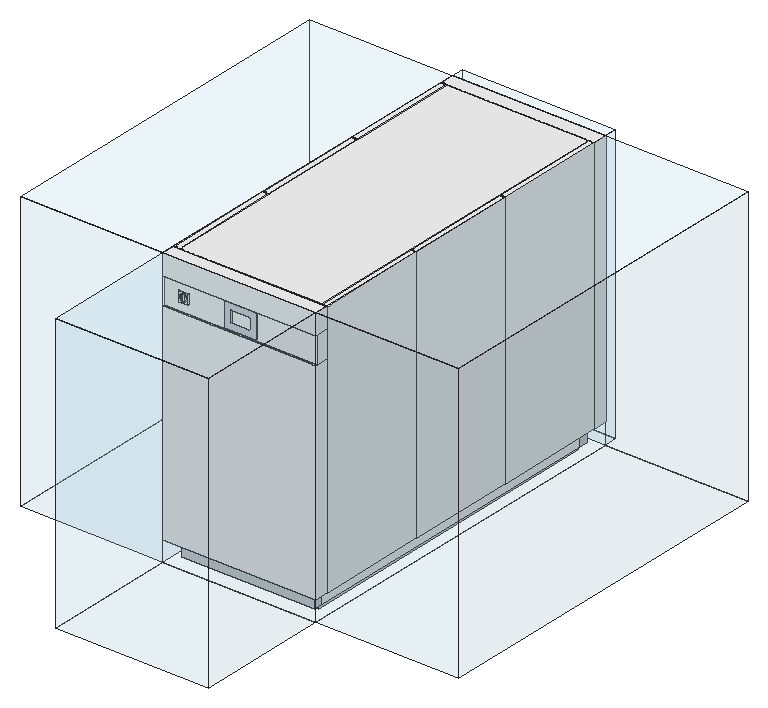
Revit family "VIESSMANN - Vitocal 350-HT Pro", category Wyposażenie mechaniczne, Revit 2017
Family settings
  Wymiar okrągłego złącza = Użyj średnicy
  Typ części = Normalny
  Numer OmniClass = 23.75.10.21.17
  Tytuł OmniClass = Water-Source Heat Pumps
  Oparty na płaszczyźnie roboczej = Nie
  Zawsze pionowo = Tak
  Tnij formami wycięć po wczytaniu = Nie
  Współdzielony = Nie
  Punkt obliczania pomieszczeń = Nie
Parameters (values of type "BW solanka-woda 2-stopniowy (B0/W35) 352.AHT058")
  etas LT = 150
  etas HT = 117
  Znamionowa moc grzewcza = 56.6 kW
  Zasilanie i powrót obiegu pierwotnego - przyłącza Victaulic (DN) = 65
  Zasilanie i powrót instalacji grzewczej - przyłącza Victaulic (DN) = 65
  Zasilanie elektryczne (V/ph/Hz) = "3LNPE/400 V/50 Hz"
  Zabezpieczenie pompy ciepła = 125 A
  Wysokość całkowita = 1650 mm
  Wydajność chłodnicza = 43.4 kW
  Współczynnik mocy = 1
  Wielkość napełnienia (wytyczna) = 22.50 kg
  Viessmann Kolor 1 = Viessmann Kolor 1
  URL = "https://www.viessmann-projektant.pl/baza-urzadzen/pompy-ciepla-solankawoda-50-kw/vitocal350ht"
  Typ = Vitocal 350-HT Pro : BW 352.B076, BW 352.B097, BW 352.B114
  Szerokość na wlocie = 850 mm
  Szerokość całkowita = 911 mm
  Strefa serwisowa [instance] = yes
  Stopień ochrony = "IP20"
  Stopień efektywności ε (COP) = 4.3
  SCOP LT = 3.94
  SCOP HT = 3.11
  Prąd rozruchowy sprężarki (łagodny rozruch) = "Po 132"
  Prąd rozruchowy sprężarki (Part Winding) = "Po 125"
  Producent = "Viessmann Sp. z o.o."
  Poziom ciśnienia akustycznego dB(A) = 60 mm
  Podłączenie elektryczne wysokość = 1565.5 mm
  Podłączenie elektryczne odsunięcie = 796.5 mm
  Podłączenie F wysokość = 509 mm
  Podłączenie F odsunięcie = 525 mm
  Podłączenie E wysokość = 969 mm
  Podłączenie E odsunięcie = 525 mm
  Podłączenie D wysokość = 969 mm
  Podłączenie D odsunięcie = 311 mm
  Podłączenie C wysokość = 509 mm
  Podłączenie C odsunięcie = 311 mm
  Podłączenie A wysokość = 1365 mm
  Podłączenie A odsunięcie = 731 mm
  Pobór mocy elektrycznej = 13.2 kW
  Opis = "Pompy ciepła z napędem elektrycznym do ogrzewania i podgrzewu ciepłej wody użytkowej w jedno- lub dwusystemowych instalacjach grzewczych."
  Odsunięcie strefy serwisowej w szerokości = Szerokość całkowita / 2  # 455.5 mm
  Odsunięcie od ściany komunikat [instance] = if(Odsunięcie od ściany < 80 mm, "UWAGA. Wymagana jest odległość od ściany ≥ 80 mm", "ok")  # "ok"
  Odsunięcie od ściany [instance] = 80 mm
  Obieg wtórny. Znamionowy przepływ objętościowy (wartość zalecana do projektowania) = 16.6 m³/h
  Obieg wtórny. Pojemność wymiennika ciepła (woda) = 13.0 L
  Obieg wtórny. Opory przepływu = 7.7 bar
  Obieg wtórny. Minimalny przepływ objętościowy = 8.5 m³/h
  Obieg wtórny. Min. temperatura na zasilaniu obiegu wtórnego = 24 °C
  Obieg wtórny. Maks. temperatura na zasilaniu na wlocie obiegu pierwotnego = 0° = 87 °C
  Obieg pierwotny. Znamionowy przepływ objętościowy (wartość zalecana do projektowania) = 20.3 m³/h
  Obieg pierwotny. Pojemność wymiennika ciepła (solanka) = 13.0 L
  Obieg pierwotny. Opory przepływu = 26.1 bar
  Obieg pierwotny. Minimalny przepływ objętościowy = 14.4 m³/h
  Obieg pierwotny. Min. temperatura zasilania na wlocie obiegu pierwotnego = 0 °C
  Obieg pierwotny. Maks. temperatura zasilania na wlocie obiegu pierwotnego = 50 °C
  Obciążenie pozorne = Znamionowa moc grzewcza * Współczynnik mocy  # 56600 W
  Natężenie znamionowe sprężarek (łącznie) = 34 A
  Napięcie znamionowe = 400 V
  Model = "Solankowa pompa ciepła Vitocal 350-HT PRO 80kW / Brine-water heat pump Vitocal 350-HT PRO 80kW"  # constant formula
  Masa całkowita (urządzenie podstawowe bez opcjonalnej obudowy) = 1077.00 kg
  Maks. prąd roboczy = 74 A
  Maks. cos fi = 0.62 A
  Liczba sprężarek = 2
  Liczba biegunów = 3  # constant formula
  Ilość oleju = 11.0 L
  Długość strefy serwisowej od przodu = 800 mm
  Długość całkowita = 2153 mm
  Dopuszczalne ciśnienie robocze. Strona wysokociśnieniowa = 32.0 bar
  Dopuszczalne ciśnienie robocze. Strona niskociśnieniowa = 19.0 bar
  Dopuszczalne ciśnienie robocze. Obieg wtórny = 10.0 bar
  Dopuszczalne ciśnienie robocze. Obieg pierwotny = 10.0 bar
  Częstotliwość = 50 Hz
  Czynnik chłodniczy = "R1234ze"
  Autor = "www.archispace.pl"
Types (8, lengths in mm): name | etas LT | etas HT | Znamionowa moc grzewcza | Zasilanie i powrót obiegu pierwotnego - przyłącza Victaulic (DN) | Zasilanie i powrót instalacji grzewczej - przyłącza Victaulic (DN) | Zabezpieczenie pompy ciepła | Wydajność chłodnicza | Wielkość napełnienia (wytyczna) | Typ | Stopień efektywności ε (COP) | SCOP LT | SCOP HT | Prąd rozruchowy sprężarki (łagodny rozruch) | Prąd rozruchowy sprężarki (Part Winding) | Poziom ciśnienia akustycznego dB(A) | Pobór mocy elektrycznej | Obieg wtórny. Znamionowy przepływ objętościowy (wartość zalecana do projektowania) | Obieg wtórny. Pojemność wymiennika ciepła (woda) | Obieg wtórny. Opory przepływu | Obieg wtórny. Minimalny przepływ objętościowy | Obieg wtórny. Min. temperatura na zasilaniu obiegu wtórnego | Obieg wtórny. Maks. temperatura na zasilaniu na wlocie obiegu pierwotnego = 0° | Obieg pierwotny. Znamionowy przepływ objętościowy (wartość zalecana do projektowania) | Obieg pierwotny. Pojemność wymiennika ciepła (solanka) | Obieg pierwotny. Opory przepływu | Obieg pierwotny. Minimalny przepływ objętościowy | Obciążenie pozorne | Natężenie znamionowe sprężarek (łącznie) | Masa całkowita (urządzenie podstawowe bez opcjonalnej obudowy) | Maks. prąd roboczy | Maks. cos fi | Liczba sprężarek | Ilość oleju | Długość całkowita | Dopuszczalne ciśnienie robocze. Strona wysokociśnieniowa | Dopuszczalne ciśnienie robocze. Strona niskociśnieniowa | Dopuszczalne ciśnienie robocze. Obieg wtórny | Dopuszczalne ciśnienie robocze. Obieg pierwotny
  (no name) | 150 | 117 | 56.6 kW | 65 | 65 | 125 A | 43.4 kW | 22.50 kg | Vitocal 350-HT Pro : BW 352.B076, BW 352.B097, BW 352.B114 | 4.3 | 3.94 | 3.11 | "Po 132" | "Po 125" | 60 | 13.2 kW | 16.6 m³/h | 13.0 L | 7.7 bar | 8.5 m³/h | 24 °C | 87 °C | 20.3 m³/h | 13.0 L | 26.1 bar | 14.4 m³/h | 56600 W | 34 A | 1077.00 kg | 74 A | 0.62 A | 2 | 11.0 L | 2153 | 32.0 bar | 19.0 bar | 10.0 bar | 10.0 bar
  BW solanka-woda 2-stopniowy (B0/W35) 352.AHT058 | 150 | 117 | 56.6 kW | 65 | 65 | 125 A | 43.4 kW | 22.50 kg | Vitocal 350-HT Pro : BW 352.B076, BW 352.B097, BW 352.B114 | 4.3 | 3.94 | 3.11 | "Po 132" | "Po 125" | 60 | 13.2 kW | 16.6 m³/h | 13.0 L | 7.7 bar | 8.5 m³/h | 24 °C | 87 °C | 20.3 m³/h | 13.0 L | 26.1 bar | 14.4 m³/h | 56600 W | 34 A | 1077.00 kg | 74 A | 0.62 A | 2 | 11.0 L | 2153 | 32.0 bar | 19.0 bar | 10.0 bar | 10.0 bar
  BW solanka-woda 2-stopniowy (B0/W35) 352.AHT071 | 150 | 117 | 72.4 kW | 80 | 80 | 125 A | 55.4 kW | 30.00 kg | Vitocal 350-HT Pro : BW 352.B076, BW 352.B097, BW 352.B114 | 4.3 | 3.94 | 3.11 | "Po 160" | "Po 165" | 60 | 17.0 kW | 13.4 m³/h | 13.0 L | 0.14 bar | 8.5 m³/h | 20 °C | 73 °C | 17.4 m³/h | 18.0 L | 0.13 bar | 14.4 m³/h | 72400 W | 49.2 A | 1077.00 kg | 100 A | 0.55 A | 2 | 11.0 L | 2153 | 10.0 bar | 10.0 bar | 19.0 bar | 32.0 bar
  BW solanka-woda 2-stopniowy (B0/W35) 352.AHT084 | 149 | 120 | 83.2 kW | 80 | 80 | 160 A | 63.6 kW | 36.00 kg | Vitocal 350-HT Pro : BW 352.B076, BW 352.B097, BW 352.B114 | 4.2 | 3.92 | 3.21 | "Po 193" | "Po 165" | 65 | 19.6 kW | 14.4 m³/h | 15.0 L | 13.0 bar | 10.0 m³/h | 20 °C | 73 °C | 20.0 m³/h | 22.0 L | 14.0 bar | 17.3 m³/h | 83200 W | 51.4 A | 1251.00 kg | 115 A | 0.6 A | 2 | 11.5 L | 2153 | 32.0 bar | 19.0 bar | 10.0 bar | 10.0 bar
  BW solanka-woda 2-stopniowy (B0/W35) 352.AHT096 | 146 | 116 | 96.6 kW | 80 | 80 | 160 A | 73.4 kW | 42.00 kg | Vitocal 350-HT Pro : BW 352.B076, BW 352.B097, BW 352.B114 | 4.2 | 3.86 | 3.11 | "Po 222" | "Po 219" | 65 | 23.2 kW | 16.7 m³/h | 17.0 L | 14.0 bar | 11.0 m³/h | 20 °C | 73 °C | 23.1 m³/h | 33.0 L | 15.0 bar | 15.4 m³/h | 96600 W | 66.6 A | 1357.00 kg | 136 A | 0.55 A | 2 | 11.5 L | 2153 | 32.0 bar | 19.0 bar | 10.0 bar | 10.0 bar
  BW solanka-woda 2-stopniowy (B0/W35) 352.AHT119 | 145 | 115 | 116.8 kW | 80 | 80 | 200 A | 88.4 kW | 49.50 kg | Vitocal 350-HT Pro : BW 352.B076, BW 352.B097, BW 352.B114 | 4.1 | 3.82 | 3.07 | "Po 252" | "Po 226" | 65 | 28.4 kW | 20.2 m³/h | 20.0 L | 17.0 bar | 13.0 m³/h | 20 °C | 73 °C | 27.8 m³/h | 39.0 L | 16.0 bar | 17.3 m³/h | 116800 W | 91.4 A | 1426.00 kg | 166 A | 0.5 A | 2 | 11.5 L | 2153 | 32.0 bar | 19.0 bar | 10.0 bar | 10.0 bar
  BW solanka-woda 3-stopniowy (B0/W35) 352.AHT126 | 149 | 118 | 124.8 kW | 80 | 80 | 200 A | 95.4 kW | 57.00 kg | Vitocal 350-HT Pro : BW 353.B172, BW 353.B198 | 4.2 | 3.92 | 3.14 | "Po 193" | "Po 165" | 65 | 29.4 kW | 21.6 m³/h | 23.0 L | 16.0 bar | 15.5 m³/h | 20 °C | 73 °C | 30.0 m³/h | 42.0 L | 15.0 bar | 19.2 m³/h | 124800 W | 77.1 A | 1779.00 kg | 173 A | 0.6 A | 3 | 16.3 L | 2816 | 32.0 bar | 19.0 bar | 10.0 bar | 10.0 bar
  BW solanka-woda 3-stopniowy (B0/W35) 352.AHT147 | 146 | 117 | 144.9 kW | 80 | 80 | 250 A | 110.1 kW | 68.00 kg | Vitocal 350-HT Pro : BW 353.B172, BW 353.B198 | 4.2 | 3.86 | 3.11 | "Po 222" | "Po 219" | 65 | 34.8 kW | 25.1 m³/h | 28.0 L | 18.0 bar | 18.0 m³/h | 20 °C | 73 °C | 34.6 m³/h | 50.0 L | 15.0 bar | 22.0 m³/h | 144900 W | 99.9 A | 1865.00 kg | 203 A | 0.55 A | 3 | 16.3 L | 2816 | 32.0 bar | 19.0 bar | 10.0 bar | 10.0 bar
Reference planes
  plane 1 "Środek (Przód/Tył)": y = -30
  plane 2: z = 0
  plane 3 "Środek (Lewa/Prawa)": x = 0
  plane 4: y = 50
  plane 5: y = -2183
  plane 6: y = -2183
  plane 7: z = 1650
  plane 8: x = 455.5
  plane 9: x = -455.5
Forms (mm)
  Extrusion 1, solid, material "Viessmann Strefy Serwisowe", visible <- "Strefa serwisowa"
    sketch origin (0, 0, 0) x (1, 0, 0) y (0, 1, 0)
      loop
        line (-455.5, -30) -> (-1305.5, -30) -> (-1305.5, -2183) -> (-455.5, -2183) -> (-455.5, -30)
    from 0 to 1650
  Extrusion 2, solid, material "Viessmann Strefy Serwisowe", visible <- "Strefa serwisowa"
    sketch origin (0, 0, 0) x (-1, 0, 0) y (0, -1, 0)
      loop
        line (-455.5, 30) -> (-455.5, 2183) -> (-1305.5, 2183) -> (-1305.5, 30) -> (-455.5, 30)
    from 0 to 1650
  Extrusion 3, solid, material "Viessmann Strefy Serwisowe", visible <- "Strefa serwisowa"
    sketch origin (1476.269, 2188.659, 0) x (1, 0, 0) y (0, 1, 0)
      loop
        line (-1020.769, -2138.659) -> (-1931.769, -2138.659) -> (-1931.769, -2218.659) -> (-1020.769, -2218.659) -> (-1020.769, -2138.659)
    from 0 to 1650
  Extrusion 4, solid, material "Viessmann Strefy Serwisowe", visible <- "Strefa serwisowa"
    sketch origin (1476.269, 248.659, 0) x (1, 0, 0) y (0, 1, 0)
      loop
        line (-1020.769, -2431.659) -> (-1931.769, -2431.659) -> (-1931.769, -3231.659) -> (-1020.769, -3231.659) -> (-1020.769, -2431.659)
    from 0 to 1650
  Sweep 5, solid, not visible
    path origin (0, 0, 0) x (1, 0, 0) y (0, 1, 0)
      loop
        line (0, -80) -> (0, -30)
    profile origin (0, -55, 0) x (-1, 0, 0) y (0, 0, 1)
      loop
        circle (-144.5, 969) r 5
      loop
        circle (-144.5, 509) r 5
      loop
        circle (69.5, 509) r 5
      loop
        circle (69.5, 969) r 5
      loop
        circle (275.5, 1365) r 5
      loop
        circle (341, 1565.5) r 5
Dimensions and locks
  locked: Extrusion 1 sketch curve to Extrusion 1 sketch curve at 850
  locked: Extrusion 2 sketch curve to Extrusion 2 sketch curve at 850
  "Odsunięcie strefy serwisowej w szerokości": Extrusion 1 sketch curve to plane 3 "Środek (Lewa/Prawa)"
  "Odsunięcie strefy serwisowej w szerokości": plane 3 "Środek (Lewa/Prawa)" to Extrusion 2 sketch curve
  "Długość strefy serwisowej od przodu": Extrusion 4 sketch curve to Extrusion 4 sketch curve
  "Odsunięcie od ściany": plane 1 "Środek (Przód/Tył)" to plane 4
  "Długość całkowita": plane 5 to plane 1 "Środek (Przód/Tył)"
  "Długość całkowita": plane 6 to plane 1 "Środek (Przód/Tył)"
  "Wysokość całkowita": plane 7 to plane 2
  "Odsunięcie strefy serwisowej w szerokości": Extrusion 4 sketch curve to plane 3 "Środek (Lewa/Prawa)"
  "Odsunięcie strefy serwisowej w szerokości": plane 3 "Środek (Lewa/Prawa)" to Extrusion 4 sketch curve
  "Odsunięcie strefy serwisowej w szerokości": Extrusion 3 sketch curve to plane 3 "Środek (Lewa/Prawa)"
  "Odsunięcie strefy serwisowej w szerokości": plane 3 "Środek (Lewa/Prawa)" to Extrusion 3 sketch curve
  locked: Sweep 5 sketch curve to plane 1 "Środek (Przód/Tył)" at 50
  "Podłączenie D wysokość": level to Sweep 5 sketch curve
  "Podłączenie A wysokość": level to Sweep 5 sketch curve
  "Podłączenie C wysokość": level to Sweep 5 sketch curve
  "Podłączenie F wysokość": level to Sweep 5 sketch curve
  "Podłączenie E wysokość": level to Sweep 5 sketch curve
  equal spacing: plane 9, plane 3 "Środek (Lewa/Prawa)", plane 8
  "Szerokość całkowita": plane 9 to plane 8
  "Podłączenie C odsunięcie": Sweep 5 sketch curve to plane 8
  "Podłączenie F odsunięcie": Sweep 5 sketch curve to plane 8
  "Podłączenie D odsunięcie": Sweep 5 sketch curve to plane 8
  "Podłączenie E odsunięcie": Sweep 5 sketch curve to plane 8
  "Podłączenie A odsunięcie": Sweep 5 sketch curve to plane 8
  "Podłączenie elektryczne wysokość": plane 2 to Sweep 5 sketch curve
  "Podłączenie elektryczne odsunięcie": Sweep 5 sketch curve to plane 8
  aligned and locked: level to plane 2
  aligned and locked: Extrusion 1 to plane 5
  aligned and locked: Extrusion 1 to Extrusion 2
  aligned and locked: Extrusion 4 to Extrusion 1
  aligned and locked: Extrusion 1 to plane 1 "Środek (Przód/Tył)"
  aligned and locked: Extrusion 2 to plane 1 "Środek (Przód/Tył)"
  aligned and locked: plane 7 to Extrusion 1
  aligned and locked: Extrusion 2 to plane 7
  aligned and locked: plane 7 to Extrusion 3
  aligned and locked: plane 7 to Extrusion 4
  aligned and locked: plane 1 "Środek (Przód/Tył)" to nested 1
  aligned and locked: plane 1 "Środek (Przód/Tył)" to Sweep 5 sketch curve
Automatic sketch dimensions
  Sweep 5 sketch curve to plane 3 "Środek (Lewa/Prawa)" = 0 mm
  Extrusion 1 sketch curve to plane 5 = 0 mm
  plane 1 "Środek (Przód/Tył)" to Extrusion 1 sketch curve = 0 mm
  Extrusion 2 sketch curve to plane 5 = 0 mm
  plane 1 "Środek (Przód/Tył)" to Extrusion 2 sketch curve = 0 mm
  plane 1 "Środek (Przód/Tył)" to Extrusion 3 sketch curve = 0 mm
  Extrusion 3 sketch curve to plane 4 = 0 mm
  Extrusion 4 sketch curve to plane 5 = 0 mm
  radius of Sweep 5 sketch curve = 5 mm  (x6)
Nested families
  nested 1: "Vitocal 350-HT Pro" at (0, -30, 0), type <- "Typ", type "BW 352.B076, BW 352.B097, BW 352.B114"
Connectors
  piping at (144.5, -30, 969), diameter 80
    settings: on Sweep 5, index 1, connector inside diameter 609.6 mm, connector length 0 mm, flow factor 0, pipe flow 13.6 m³/h, pressure drop 0.0 bar, fitting loss kfactor 0, connector angle 0.00°, fixture units 0, engagement length 0 mm, angle of deflection 0.00°, flow configuration 1, flow direction 2, fitting loss method 0, system type 7, joint type 0, gender type 0, connector reference index -1, connector utility 0, adjustable connector no, is connector primary yes, connector description ""
  piping at (-69.5, -30, 969), diameter 80
    settings: on Sweep 5, index 2, connector inside diameter 609.6 mm, connector length 0 mm, flow factor 0, pipe flow 9.8 m³/h, pressure drop 0.0 bar, fitting loss kfactor 0, connector angle 0.00°, fixture units 0, engagement length 0 mm, angle of deflection 0.00°, flow configuration 1, flow direction 2, fitting loss method 0, system type 7, joint type 0, gender type 0, connector reference index -1, connector utility 0, adjustable connector no, is connector primary no, connector description ""
  piping at (144.5, -30, 509), diameter 80
    settings: on Sweep 5, index 3, connector inside diameter 609.6 mm, connector length 0 mm, flow factor 0, pipe flow 13.6 m³/h, pressure drop 0.0 bar, fitting loss kfactor 0, connector angle 0.00°, fixture units 0, engagement length 0 mm, angle of deflection 0.00°, flow configuration 1, flow direction 1, fitting loss method 0, system type 8, joint type 0, gender type 0, connector reference index -1, connector utility 0, adjustable connector no, is connector primary no, connector description ""
  piping at (-69.5, -30, 509), diameter 80
    settings: on Sweep 5, index 4, connector inside diameter 609.6 mm, connector length 0 mm, flow factor 0, pipe flow 9.8 m³/h, pressure drop 0.0 bar, fitting loss kfactor 0, connector angle 0.00°, fixture units 0, engagement length 0 mm, angle of deflection 0.00°, flow configuration 1, flow direction 1, fitting loss method 0, system type 8, joint type 0, gender type 0, connector reference index -1, connector utility 0, adjustable connector no, is connector primary no, connector description ""
  hvac at (-275.5, -30, 1365)
    settings: on Sweep 5, index 5, duct flow 0.0 L/s, flow factor 0, pres drop 0.0 bar, loss coef 0, conn angle 0.00°, conn width 304.8 mm, conn height 304.8 mm, conn diameter 150 mm, duct sys type 3, conn prof type 0, flow config 1, flow direction 2, loss method 0, conn ref index -1, conn util no, is conn primary yes, conn desc ""
  electrical at (-341, -30, 1565.5), driven by "Liczba biegunów", driven by "Napięcie znamionowe", driven by "Obciążenie pozorne", driven by "Współczynnik mocy", driven by "Obciążenie pozorne"
    settings: on Sweep 5, index 6, voltage 400 V, apparent load 56600 W, apparent load phase1 56600 W, apparent load phase2 0 W, apparent load phase3 0 W, power factor 1, load classification "Moc", number of poles 3, system type 30, power factor state 1, is connector primary yes, connector utility no, sub classification motor no, connector description ""
  electrical at (0, -30, 887)
    settings: on nested 1, index 7, voltage 0 V, apparent load 0 W, apparent load phase1 0 W, apparent load phase2 0 W, apparent load phase3 0 W, power factor 1, load classification "Inne", number of poles 1, system type 13, power factor state 1, is connector primary no, connector utility no, sub classification motor no, connector description ""
Definition of nested family "Vitocal 350-HT Pro"
  Parameters (values of type "BW 352.B076, BW 352.B097, BW 352.B114")
    Wysokość = 1650 mm
    Szerokość = 911 mm
    Podłączenie F wysokość = 509 mm
    Podłączenie F odsunięcie = 525 mm
    Podłączenie D wysokość = 509 mm
    Podłączenie D odsunięcie = 311 mm
    Podłączenie C wysokość = 969 mm
    Podłączenie C odsunięcie = 311 mm
    Podłączenie E wysokość = 969 mm
    Podłączenie E odsunięcie = 525 mm
    Podłączenie A wysokość = 1365 mm
    Podłączenie A odsunięcie = 731 mm
    Odstęp pomiędzy wycięciami = 659 mm
    Materiał = none
    Długość = 2153 mm
  Types (2, lengths in mm): name | Podłączenie F wysokość | Podłączenie F odsunięcie | Podłączenie D wysokość | Podłączenie D odsunięcie | Podłączenie C wysokość | Podłączenie C odsunięcie | Podłączenie E wysokość | Podłączenie E odsunięcie | Długość
    BW 352.B076, BW 352.B097, BW 352.B114 | 509 | 525 | 509 | 311 | 969 | 311 | 969 | 525 | 2153
    BW 353.B172, BW 353.B198 | 487 | 526 | 582 | 380 | 1305 | 380 | 947 | 526 | 2816
  Reference planes
    plane 1 "Center (Front/Back)": y = 0
    plane 2: z = 0
    plane 3 "Center (Left/Right)": x = 0
    plane 4: y = -1380
    plane 5: z = 1650
    plane 6: z = 124
    plane 7: y = -2153
    plane 8: y = -2071
    plane 9: x = 455.5
    plane 10: x = -455.5
    plane 11: z = 1210
    plane 12: x = -453.5
    plane 13: x = 453.5
  Forms (mm)
    Extrusion 1, solid, material <- "Materiał", detail levels fine
      sketch origin (0, -876.5, 0) x (1, 0, 0) y (0, 1, 0)
        loop
          line (-455.5, -1194.5) -> (455.5, -1194.5) -> (455.5, 794.5) -> (-455.5, 794.5) -> (-455.5, -1194.5)
      from 124 to 1650
    Extrusion 2, solid, material <- "Materiał", detail levels fine
      sketch origin (0, 177.022, 0) x (0, 1, 0) y (0, 0, 1)
        loop
          line (-291.022, 124) -> (-2216.022, 124) -> (-2216.022, 22.5) -> (-291.022, 22.5) -> (-291.022, 124)
      from -393.5 to 393.5
    Sweep 3, void
      path origin (0, 0, 0) x (0, 1, 0) y (0, 0, 1)
        loop
          line (0, 1650) -> (0, 124)
      profile origin (0, 0, 887) x (1, 0, 0) y (0, 1, 0)
        loop
          line (-453.5, -1410) -> (-453.5, -1406) -> (-455.5, -1406) -> (-455.5, -1410) -> (-453.5, -1410)
        loop
          line (-453.5, -84) -> (-453.5, -80) -> (-455.5, -80) -> (-455.5, -84) -> (-453.5, -84)
        loop
          line (453.5, -1410) -> (455.5, -1410) -> (455.5, -1406) -> (453.5, -1406) -> (453.5, -1410)
        loop
          line (453.5, -84) -> (455.5, -84) -> (455.5, -80) -> (453.5, -80) -> (453.5, -84)
        loop
          line (-453.5, -747) -> (-453.5, -743) -> (-455.5, -743) -> (-455.5, -747) -> (-453.5, -747)
        loop
          line (453.5, -747) -> (455.5, -747) -> (455.5, -743) -> (453.5, -743) -> (453.5, -747)
        loop
          line (-453.5, -2073) -> (-453.5, -2069) -> (-455.5, -2069) -> (-455.5, -2073) -> (-453.5, -2073)
        loop
          line (-453.5, -2736) -> (-453.5, -2732) -> (-455.5, -2732) -> (-455.5, -2736) -> (-453.5, -2736)
        loop
          line (453.5, -2073) -> (455.5, -2073) -> (455.5, -2069) -> (453.5, -2069) -> (453.5, -2073)
        loop
          line (455.5, -2736) -> (455.5, -2732) -> (453.5, -2732) -> (453.5, -2736) -> (455.5, -2736)
    Extrusion 4, solid, detail levels fine
      sketch origin (0, 0, 0) x (0, 1, 0) y (0, 0, 1)
        loop
          line (-114, 124) -> (-114, 22.5) -> (-64, 22.5) -> (-64, 124) -> (-114, 124)
        loop
          line (-2039, 124) -> (-2089, 124) -> (-2089, 22.5) -> (-2039, 22.5) -> (-2039, 124)
      from -393.5 to 393.5
    Sweep 5, void
      path origin (0, 0, 0) x (1, 0, 0) y (0, 1, 0)
        loop
          line (-505.5, 0) -> (505.5, 0)
      profile origin (0, 0, 0) x (0, 1, 0) y (0, 0, 1)
        loop
          line (-80, 1650) -> (-84, 1650) -> (-84, 1648) -> (-80, 1648) -> (-80, 1650)
        loop
          line (-2069, 1650) -> (-2073, 1650) -> (-2073, 1648) -> (-2069, 1648) -> (-2069, 1650)
    Sweep 6, void
      path origin (0, 219.668, 1650) x (0, 1, 0) y (-1, 0, 0)
        loop
          line (-301.668, 0) -> (-2290.668, 0)
      profile origin (0, -1076.5, 1650) x (1, 0, 0) y (0, 0, 1)
        loop
          line (-421, 0) -> (-425, 0) -> (-425, -2) -> (-421, -2) -> (-421, 0)
        loop
          line (421, 0) -> (421, -2) -> (425, -2) -> (425, 0) -> (421, 0)
    Extrusion 7, void
      sketch origin (0, 0, 0) x (0, 1, 0) y (0, 0, 1)
        loop
          line (-747, 1650) -> (-747, 1648) -> (-743, 1648) -> (-743, 1650) -> (-747, 1650)
        loop
          line (-1410, 1650) -> (-1410, 1648) -> (-1406, 1648) -> (-1406, 1650) -> (-1410, 1650)
      from 425 to 455.5
    Extrusion 8, void
      sketch origin (0, 0, 0) x (0, 1, 0) y (0, 0, -1)
        loop
          line (-747, -1650) -> (-743, -1650) -> (-743, -1648) -> (-747, -1648) -> (-747, -1650)
        loop
          line (-1410, -1650) -> (-1406, -1650) -> (-1406, -1648) -> (-1410, -1648) -> (-1410, -1650)
      from 421 to 455.5
    Extrusion 9, solid, material <- "Materiał", detail levels fine
      sketch origin (0, 0, -4) x (1, 0, 0) y (0, 0, 1)
        loop
          arc (-367.5, 1483) -> (-369.268, 1482.268) -> (-370, 1480.5) r 2.5
          line (-370, 1480.5) -> (-370, 1427.5)
          arc (-370, 1427.5) -> (-369.268, 1425.732) -> (-367.5, 1425) r 2.5
          line (-367.5, 1425) -> (-314.5, 1425)
          arc (-314.5, 1425) -> (-312.732, 1425.732) -> (-312, 1427.5) r 2.5
          line (-312, 1427.5) -> (-312, 1480.5)
          arc (-312, 1480.5) -> (-312.732, 1482.268) -> (-314.5, 1483) r 2.5
          line (-314.5, 1483) -> (-367.5, 1483)
        loop
          circle (-341, 1454) r 21
      from 2141 to 2145
    Extrusion 10, solid, material <- "Materiał", detail levels fine
      sketch origin (0, -303.004, 0) x (0, 1, 0) y (0, 0, 1)
        loop
          line (-1767.996, 1370) -> (-1849.996, 1370) -> (-1849.996, 124) -> (-1767.996, 124) -> (-1767.996, 1370)
      from -455.5 to 455.5
    Extrusion 11, solid, material <- "Materiał", detail levels fine
      sketch origin (0, -303.004, 920) x (0, 1, 0) y (0, 0, 1)
        loop
          line (-1767.996, 730) -> (-1849.996, 730) -> (-1849.996, 610) -> (-1767.996, 610) -> (-1767.996, 730)
      from -455.5 to 455.5
    Extrusion 12, solid, material <- "Materiał", detail levels fine
      sketch origin (0, -303.004, 660) x (0, 1, 0) y (0, 0, 1)
        loop
          line (-1767.996, 870) -> (-1837.996, 870) -> (-1837.996, 710) -> (-1767.996, 710) -> (-1767.996, 870)
      from -455.5 to 455.5
    Extrusion 13, solid, material <- "Materiał", detail levels fine
      sketch origin (0, -1380, 0) x (0, -1, 0) y (0, 0, -1)
        loop
          line (-1298, -1650) -> (-1298, -124) -> (-1380, -124) -> (-1380, -1650) -> (-1298, -1650)
      from -455.5 to 455.5
    Sweep 14, void
      path in 3D
        loop
          arc (-362, -2145, 1450) -> (-341, -2145, 1429) -> (-320, -2145, 1450) r 21
          arc (-320, -2145, 1450) -> (-341, -2145, 1471) -> (-362, -2145, 1450) r 21
      profile origin (-341, -2145, 1471) x (0, 0, -1) y (0, -1, 0)
        loop
          line (0, 0) -> (0, -2)
          arc (0, -2) -> (0.586, -0.586) -> (2, 0) r 2
          line (2, 0) -> (0, 0)
    Extrusion 15, solid, material <- "Materiał", detail levels fine
      sketch origin (-1545, 0, 959) x (0, 0, -1) y (1, 0, 0)
        loop
          arc (-509, 1206) -> (-511, 1204) -> (-509, 1202) r 2
          line (-509, 1202) -> (-473, 1202)
          arc (-473, 1202) -> (-471, 1204) -> (-473, 1206) r 2
          line (-473, 1206) -> (-509, 1206)
      from 2145 to 2151
    Extrusion 16, solid
      sketch origin (0, 0, 1650) x (0, 0, -1) y (-1, 0, 0)
        loop
          circle (84.5, 341) r 38
        loop
          circle (84.5, 231) r 38
      from 0 to 8
    Extrusion 17, solid
      sketch origin (-95, 0, 1650) x (0, 0, -1) y (-1, 0, 0)
        loop
          circle (84.5, 47) r 30.5
        loop
          circle (84.5, -38) r 30.5
        loop
          circle (84.5, -123) r 30.5
        loop
          circle (84.5, -208) r 30.5
      from 0 to 5
    Extrusion 18, void
      sketch origin (0, 0, 0) x (1, 0, 0) y (0, 0, 1)
        loop
          circle (-275.5, 1365) r 75
      from 2 to 0
    Extrusion 19, void
      sketch origin (0, 0, 0) x (1, 0, 0) y (0, 0, 1)
        loop
          circle (-69.5, 969) r 40
      from 2 to 0
    Extrusion 20, void
      sketch origin (0, 0, 0) x (1, 0, 0) y (0, 0, 1)
        loop
          circle (144.5, 969) r 40
      from 2 to 0
    Extrusion 21, void
      sketch origin (0, 0, 0) x (1, 0, 0) y (0, 0, 1)
        loop
          circle (144.5, 509) r 40
      from 2 to 0
    Extrusion 22, solid, material <- "Materiał", detail levels fine
      sketch origin (0, 0, -4) x (1, 0, 0) y (0, 0, 1)
        loop
          circle (-341, 1454) r 21
      from 2141 to 2145
    Extrusion 23, solid, detail levels fine
      sketch origin (0, 0, 0) x (1, 0, 0) y (0, 0, 1)
        loop
          line (-95, 1519.5) -> (-95, 1380.5)
          arc (-95, 1380.5) -> (-94.268, 1378.732) -> (-92.5, 1378) r 2.5
          line (-92.5, 1378) -> (92.5, 1378)
          arc (92.5, 1378) -> (94.268, 1378.732) -> (95, 1380.5) r 2.5
          line (95, 1380.5) -> (95, 1519.5)
          arc (95, 1519.5) -> (94.268, 1521.268) -> (92.5, 1522) r 2.5
          line (92.5, 1522) -> (-92.5, 1522)
          arc (-92.5, 1522) -> (-94.268, 1521.268) -> (-95, 1519.5) r 2.5
        loop
          line (-59, 1483.5) -> (-59, 1416.5)
          arc (-59, 1416.5) -> (-58.268, 1414.732) -> (-56.5, 1414) r 2.5
          line (-56.5, 1414) -> (56.5, 1414)
          arc (56.5, 1414) -> (58.268, 1414.732) -> (59, 1416.5) r 2.5
          line (59, 1416.5) -> (59, 1483.5)
          arc (59, 1483.5) -> (58.268, 1485.268) -> (56.5, 1486) r 2.5
          line (56.5, 1486) -> (-56.5, 1486)
          arc (-56.5, 1486) -> (-58.268, 1485.268) -> (-59, 1483.5) r 2.5
      from 2141 to 2146.5
    Extrusion 24, solid, detail levels fine
      sketch origin (0, 0, 0) x (1, 0, 0) y (0, 0, 1)
        loop
          line (-380, 22.5) -> (-380, 0) -> (380, 0) -> (380, 22.5) -> (-380, 22.5)
      from 114 to 2039
    Extrusion 25, void
      sketch origin (-340, 0, 0) x (1, 0, 0) y (0, 0, 1)
        loop
          circle (270.5, 509) r 40
      from 2 to 0
    Extrusion 26, solid, material <- "Materiał", detail levels medium
      sketch origin (0, -1062.978, 0) x (0, 1, 0) y (0, 0, 1)
        loop
          line (998.978, 124) -> (-1026.022, 124) -> (-1026.022, 0) -> (998.978, 0) -> (998.978, 124)
      from -393.5 to 393.5
    Extrusion 27, solid, material <- "Materiał", detail levels medium
      sketch origin (0, -1380, 0) x (0, -1, 0) y (0, 0, -1)
        loop
          line (773, -1650) -> (773, -124) -> (-1380, -124) -> (-1380, -1650) -> (773, -1650)
      from -455.5 to 455.5
    Extrusion 28, solid, material <- "Materiał", detail levels coarse
      sketch origin (0, -2680, 0) x (0, -1, 0) y (0, 0, -1)
        loop
          line (-527, -1650) -> (-527, 0) -> (-2680, 0) -> (-2680, -1650) -> (-527, -1650)
      from -453.5 to 453.5
  Cuts and joins
    Sweep 3, Sweep 5, Sweep 6, Extrusion 7, Extrusion 8 cuts Extrusion 1
    Sweep 3 cuts Extrusion 10
    Sweep 3, Sweep 5 cuts Extrusion 11
    Sweep 3, Sweep 5, Extrusion 18, Extrusion 19, Extrusion 20, Extrusion 21, Extrusion 25 cuts Extrusion 13
    joined: Extrusion 1, Extrusion 10, Extrusion 11, Extrusion 13
    Sweep 14 cuts Extrusion 22
    Sweep 3 cuts Extrusion 12
    Extrusion 18, Extrusion 19, Extrusion 20, Extrusion 21, Extrusion 25 cuts Extrusion 28
    Extrusion 18, Extrusion 19, Extrusion 20, Extrusion 21, Extrusion 25 cuts Extrusion 27
  Lines and regions (mm)
    sketch lines
      curve 1: arc (-320, -2145, 1450) -> (-341, -2145, 1471) -> (-362, -2145, 1450) r 21
      curve 2: arc (-362, -2145, 1450) -> (-341, -2145, 1429) -> (-320, -2145, 1450) r 21
  Dimensions and locks
    "Wysokość": plane 5 to level
    plane 6 to level = 124 mm
    "Podłączenie A wysokość": level to Extrusion 18 sketch curve
    "Podłączenie E wysokość": level to Extrusion 19 sketch curve
    "Podłączenie C wysokość": level to Extrusion 20 sketch curve
    "Podłączenie D wysokość": level to Extrusion 21 sketch curve
    "Długość": plane 1 "Center (Front/Back)" to plane 7
    locked: plane 8 to plane 7 at 82
    locked: Sweep 5 sketch curve to plane 8 at 2
    locked: plane 8 to Sweep 5 sketch curve at 2
    locked: Extrusion 4 sketch curve to plane 7 at 64
    locked: Extrusion 4 sketch curve to Extrusion 4 sketch curve at 50
    locked: plane 5 to Sweep 6 sketch curve at 2  (x2)
    locked: plane 5 to Sweep 5 sketch curve at 2  (x2)
    equal spacing: plane 9, plane 3 "Center (Left/Right)", plane 10
    "Szerokość": plane 9 to plane 10
    locked: Extrusion 12 to plane 7 at 12
    locked: Extrusion 15 to plane 7 at 2
    locked: Extrusion 9 to plane 7 at 8
    cut or joined group 1 (Extrusion 1, Sweep 3, Sweep 5, Sweep 6, Extrusion 7, Extrusion 8, Extrusion 10, Extrusion 11, Extrusion 13, Extrusion 18, Extrusion 19, Extrusion 20, Extrusion 21, Extrusion 25) to cut or joined group 1 to plane 11 = 160 mm, 160 mm
    locked: Extrusion 12 to Extrusion 23 at 5.5
    locked: plane 10 to plane 12 at 2
    locked: plane 13 to plane 9 at 2
    locked: Sweep 6 sketch curve to plane 10 at 30.5
    locked: Sweep 6 sketch curve to Sweep 6 sketch curve at 4  (x2)
    locked: plane 9 to Sweep 6 sketch curve at 30.5
    locked: Sweep 3 sketch curve to plane 1 "Center (Front/Back)" at 80  (x2)
    locked: Sweep 3 sketch curve to Sweep 3 sketch curve at 4  (x10)
    "Odstęp pomiędzy wycięciami": Sweep 3 sketch curve to Sweep 3 sketch curve  (x8)
    locked: plane 12 to Extrusion 4 at 60
    locked: plane 12 to Extrusion 2 at 60
    locked: plane 13 to Extrusion 4 at 60
    locked: plane 13 to Extrusion 2 at 60
    locked: Extrusion 4 to Extrusion 24 sketch curve at 13.5  (x2)
    locked: plane 5 to Extrusion 23 sketch curve at 128
    locked: plane 5 to Extrusion 23 sketch curve at 272
    locked: plane 5 to Extrusion 23 sketch curve at 164
    locked: plane 5 to Extrusion 23 sketch curve at 236
    locked: plane 5 to Extrusion 9 sketch curve at 171
    locked: plane 5 to Extrusion 9 sketch curve at 229
    locked: plane 5 to Extrusion 9 sketch curve at 200
    locked: plane 5 to Extrusion 15 sketch curve at 182
    locked: plane 5 to Extrusion 15 sketch curve at 218
    locked: plane 5 to Extrusion 11 sketch curve at 120
    locked: plane 5 to Extrusion 10 sketch curve at 280
    locked: plane 5 to Extrusion 22 sketch curve at 200
    locked: plane 5 to Extrusion 12 sketch curve at 120
    locked: plane 5 to Extrusion 12 sketch curve at 280
    "Podłączenie E odsunięcie": cut or joined group 1 to Extrusion 19 sketch curve
    "Podłączenie F wysokość": level to Extrusion 25 sketch curve
    "Podłączenie A odsunięcie": cut or joined group 1 to Extrusion 18 sketch curve
    "Podłączenie C odsunięcie": plane 9 to Extrusion 20 sketch curve
    "Podłączenie D odsunięcie": plane 9 to Extrusion 21 sketch curve
    "Podłączenie F odsunięcie": plane 9 to Extrusion 25 sketch curve
    locked: plane 1 "Center (Front/Back)" to Extrusion 26 sketch curve at 64
    locked: Extrusion 26 sketch curve to plane 7 at 64
    locked: plane 12 to Extrusion 26 at 60
    locked: plane 13 to Extrusion 26 at 60
    aligned and locked: level to plane 2
    aligned and locked: Extrusion 11 sketch curve to plane 7
    aligned and locked: plane 8 to Extrusion 11 sketch curve
    aligned and locked: Extrusion 10 to plane 8
    aligned and locked: plane 7 to Extrusion 10
    aligned and locked: plane 8 to Extrusion 12 sketch curve
    aligned and locked: Extrusion 15 to Extrusion 9
    aligned and locked: plane 8 to Sweep 6 sketch curve
    aligned and locked: Extrusion 2 sketch curve to Extrusion 4
    aligned and locked: plane 8 to cut or joined group 1
    aligned and locked: Extrusion 1 to Sweep 3
    aligned and locked: Sweep 6 sketch curve to plane 5  (x2)
    aligned and locked: plane 5 to Sweep 6 sketch curve
    aligned and locked: Sweep 5 sketch curve to plane 5
    aligned and locked: plane 5 to Sweep 5 sketch curve
    aligned and locked: cut or joined group 1 to plane 10  (x4)
    aligned and locked: cut or joined group 1 to plane 9  (x3)
    aligned and locked: plane 9 to cut or joined group 1
    aligned and locked: Extrusion 9 to Extrusion 12
    aligned and locked: Extrusion 12 to plane 10
    aligned and locked: plane 9 to Extrusion 12
    aligned and locked: Extrusion 9 to Extrusion 22  (x2)
    aligned and locked: Extrusion 23 to Extrusion 12
    aligned and locked: plane 5 to Sweep 3 sketch curve
    aligned and locked: plane 6 to Sweep 3 sketch curve
    aligned and locked: Sweep 3 sketch curve to plane 10  (x5)
    aligned and locked: Sweep 3 sketch curve to plane 12  (x5)
    aligned and locked: Sweep 3 sketch curve to plane 9  (x4)
    aligned and locked: plane 13 to Sweep 3 sketch curve  (x4)
    aligned and locked: Sweep 3 sketch curve to plane 13
    aligned and locked: plane 9 to Sweep 3 sketch curve
    aligned and locked: Extrusion 8 sketch curve to cut or joined group 1  (x2)
    aligned and locked: cut or joined group 1 to Extrusion 8 sketch curve  (x2)
    aligned and locked: Sweep 6 to Extrusion 8
    aligned and locked: Extrusion 7 to Sweep 6
    aligned and locked: Extrusion 7 sketch curve to cut or joined group 1  (x4)
    aligned and locked: level to Extrusion 24 sketch curve
    aligned and locked: Extrusion 2 to Extrusion 24
    aligned and locked: Extrusion 24 to Extrusion 2
    aligned and locked: plane 5 to Extrusion 11 sketch curve
    aligned and locked: Extrusion 26 sketch curve to plane 6
    aligned and locked: level to Extrusion 26 sketch curve
    aligned and locked: Extrusion 27 sketch curve to plane 1 "Center (Front/Back)"
    aligned and locked: Extrusion 27 sketch curve to plane 5
    aligned and locked: Extrusion 27 sketch curve to plane 6
    aligned and locked: plane 7 to Extrusion 27 sketch curve
    aligned and locked: Extrusion 28 sketch curve to plane 1 "Center (Front/Back)"
    aligned and locked: Extrusion 28 sketch curve to plane 5
    aligned and locked: plane 7 to Extrusion 28 sketch curve
    aligned and locked: Extrusion 28 sketch curve to level
    aligned and locked: plane 12 to Extrusion 28
    aligned and locked: plane 13 to Extrusion 28
  Automatic sketch dimensions
    Sweep 6 sketch curve to plane 3 "Center (Left/Right)" = 0 mm
    plane 1 "Center (Front/Back)" to Sweep 6 sketch curve = 82 mm
    plane 8 to Extrusion 1 sketch curve = 0 mm
    Extrusion 1 sketch curve to plane 10 = 0 mm
    Extrusion 1 sketch curve to plane 9 = 0 mm
    plane 1 "Center (Front/Back)" to Extrusion 1 sketch curve = 82 mm
    Extrusion 2 sketch curve to plane 6 = 0 mm
    level to Extrusion 2 sketch curve = 22.5 mm
    plane 1 "Center (Front/Back)" to Extrusion 2 sketch curve = 114 mm
    Sweep 3 sketch curve to plane 1 "Center (Front/Back)" = 0 mm
    Extrusion 4 sketch curve to plane 6 = 0 mm  (x2)
    plane 1 "Center (Front/Back)" to Extrusion 4 sketch curve = 114 mm
    level to Extrusion 4 sketch curve = 22.5 mm  (x2)
    Extrusion 4 sketch curve to Extrusion 4 sketch curve = 50 mm
    plane 1 "Center (Front/Back)" to Sweep 5 sketch curve = 0 mm
    Sweep 5 sketch curve to plane 10 = 50 mm
    plane 9 to Sweep 5 sketch curve = 50 mm
    profile plane to Sweep 5 sketch curve = 84 mm
    Sweep 5 sketch curve to Sweep 5 sketch curve = 4 mm
    Extrusion 7 sketch curve to plane 5 = 0 mm  (x2)
    Extrusion 7 sketch curve to plane 5 = 2 mm  (x2)
    Extrusion 8 sketch curve to plane 5 = 0 mm  (x2)
    Extrusion 8 sketch curve to plane 5 = 2 mm  (x2)
    Extrusion 9 sketch curve to plane 12 = 83.5 mm
    Extrusion 9 sketch curve to Extrusion 9 sketch curve = 2.5 mm  (x3)
    Extrusion 9 sketch curve to Extrusion 9 sketch curve = 26.5 mm  (x3)
    Extrusion 10 sketch curve to plane 7 = 0 mm
    Extrusion 10 sketch curve to plane 6 = 0 mm
    Extrusion 10 sketch curve to plane 8 = 0 mm
    Extrusion 12 sketch curve to plane 7 = 12 mm
    Extrusion 13 sketch curve to plane 1 "Center (Front/Back)" = 0 mm
    Extrusion 13 sketch curve to plane 6 = 0 mm
    Extrusion 13 sketch curve to plane 5 = 0 mm
    plane 1 "Center (Front/Back)" to Extrusion 13 sketch curve = 82 mm
    Sweep 14 sketch curve to profile plane = 0 mm  (x2)
    Sweep 14 sketch curve to Sweep 14 sketch curve = 2 mm
    Extrusion 15 sketch curve to plane 12 = 110.5 mm
    Extrusion 15 sketch curve to Extrusion 15 sketch curve = 2 mm
    Extrusion 16 sketch curve to Extrusion 13 = 84.5 mm  (x2)
    Extrusion 13 to Extrusion 16 sketch curve = 224.5 mm
    Extrusion 16 sketch curve to Extrusion 16 sketch curve = 110 mm
    Extrusion 17 sketch curve to Extrusion 13 = 84.5 mm  (x4)
    Extrusion 13 to Extrusion 17 sketch curve = 342.5 mm
    Extrusion 17 sketch curve to Extrusion 17 sketch curve = 85 mm  (x3)
    Extrusion 22 sketch curve to plane 12 = 112.5 mm
    Extrusion 23 sketch curve to plane 3 "Center (Left/Right)" = 95 mm
    Extrusion 23 sketch curve to Extrusion 23 sketch curve = 2.5 mm  (x6)
    Extrusion 23 sketch curve to Extrusion 23 sketch curve = 33.5 mm
    plane 3 "Center (Left/Right)" to Extrusion 23 sketch curve = 56.5 mm  (x2)
    Extrusion 23 sketch curve to Extrusion 23 sketch curve = 36 mm  (x2)
    level to Extrusion 24 sketch curve = 22.5 mm
    radius of Extrusion 9 sketch curve = 21 mm
    radius of Extrusion 16 sketch curve = 38 mm  (x2)
    radius of Extrusion 17 sketch curve = 30.5 mm  (x4)
    radius of Extrusion 22 sketch curve = 21 mm
    radius of Extrusion 18 sketch curve = 75 mm
    radius of Extrusion 19 sketch curve = 40 mm
    radius of Extrusion 20 sketch curve = 40 mm
    radius of Extrusion 21 sketch curve = 40 mm
    radius of Extrusion 25 sketch curve = 40 mm
